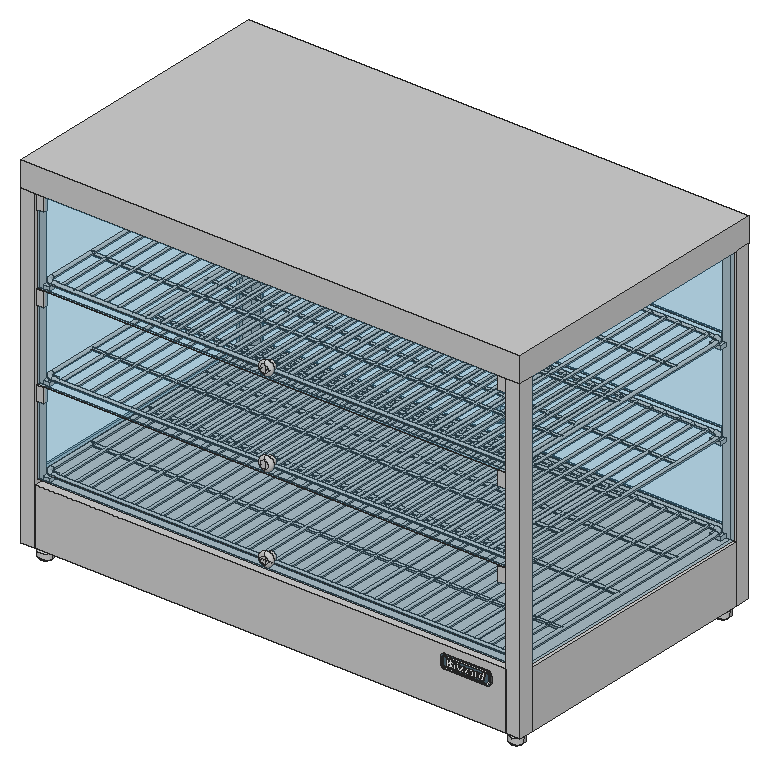
Revit family "QF_BLIZZARD_BPW1", category Specialty Equipment, Revit 2016
Family settings
  Part Type = Normal
  Round Connector Dimension = Use Diameter
  OmniClass Number = 23.40.40.14
  OmniClass Title = Food Service Equipment
  Work Plane-Based = No
  Always vertical = Yes
  Cut with Voids When Loaded = No
  Shared = No
  Room Calculation Point = No
Parameters (values of type "BPW1")
  URL = "www.blizzardequipment.com"
  Show Logo [instance] = yes
  Show Clearance [instance] = yes
  Model = "BPW1"
  Manufacturer = "BLIZZARD"
  Description = "COUNTER TOP HEATED MERCHANDISER 115L"
  Assembly Code = "E1090320"
Reference planes
  plane 1 "Back": y = 0
  plane 2: z = 0
  plane 3 "Left": x = 0
  plane 4 "Right": x = 700
  plane 5 "Front": y = -400
  plane 6 "Top": z = 500
Forms (mm)
  Extrusion 1, solid, visible <- "Show Logo"
    sketch origin (567.415, -398.5, -62.991) x (1, 0, 0) y (0, 0, 1)
      loop
        arc (22.13, 139.05) -> (23.822, 134.965) -> (27.907, 133.273) r 5.777
        line (27.907, 133.273) -> (86.809, 133.273)
        arc (86.809, 133.273) -> (90.894, 134.965) -> (92.585, 139.05) r 5.777
        line (92.585, 139.05) -> (92.585, 147.215)
        arc (92.585, 147.215) -> (90.894, 151.299) -> (86.809, 152.991) r 5.777
        line (86.809, 152.991) -> (27.907, 152.991)
        arc (27.907, 152.991) -> (23.822, 151.299) -> (22.13, 147.215) r 5.777
        line (22.13, 147.215) -> (22.13, 139.05)
    from 0 to 2
  Extrusion 2, solid, visible <- "Show Logo"
    sketch origin (567.415, -398.7, -57.983) x (1, 0, 0) y (0, 0, 1)
      loop
        line (30.3, 133.137) -> (36.162, 133.137)
        arc (36.162, 133.137) -> (39.122, 134.994) -> (38.048, 138.319) r 2.844
        arc (38.048, 138.319) -> (38.838, 141.267) -> (36.338, 143.017) r 2.66
        line (36.338, 143.017) -> (31.338, 143.017) -> (30.3, 133.137)
      loop
        line (33.066, 135.126) -> (35.993, 135.126)
        arc (35.993, 135.126) -> (36.943, 136.076) -> (35.993, 137.026) r 0.95
        line (35.993, 137.026) -> (33.066, 137.026) -> (33.066, 135.126)
      loop
        line (33.528, 139.285) -> (36.147, 139.285)
        arc (36.147, 139.285) -> (36.994, 140.133) -> (36.147, 140.98) r 0.847
        line (36.147, 140.98) -> (33.528, 140.98) -> (33.528, 139.285)
      loop
        line (40.306, 133.137) -> (42.874, 133.137) -> (43.912, 143.017) -> (41.344, 143.017) -> (40.306, 133.137)
      loop
        line (45.174, 140.98) -> (47.749, 140.98) -> (47.964, 143.017) -> (45.389, 143.017) -> (45.174, 140.98)
      loop
        line (45.104, 140.313) -> (44.35, 133.137) -> (46.671, 133.137) -> (47.425, 140.313) -> (45.104, 140.313)
      loop
        line (48.314, 138.359) -> (51.196, 138.359) -> (47.765, 134.548) -> (47.765, 133.137) -> (54.184, 133.137) -> (54.393, 135.126) -> (51.213, 135.126) -> (54.657, 138.952) -> (54.657, 140.313) -> (48.519, 140.313) -> (48.314, 138.359)
      loop
        line (55.213, 138.359) -> (58.095, 138.359) -> (54.664, 134.548) -> (54.664, 133.137) -> (61.084, 133.137) -> (61.293, 135.126) -> (58.112, 135.126) -> (61.557, 138.952) -> (61.557, 140.313) -> (55.419, 140.313) -> (55.213, 138.359)
      loop
        arc (64.816, 137.983) -> (65.785, 138.952) -> (66.753, 137.983) r 0.969
        line (66.753, 137.983) -> (64.711, 137.436)
        arc (64.711, 137.436) -> (62.642, 134.297) -> (66.342, 133.633) r 2.251
        line (66.342, 133.633) -> (66.77, 132.921) -> (69.168, 132.921) -> (68.641, 134.052) -> (69.084, 138.274)
        arc (69.084, 138.274) -> (65.782, 140.567) -> (62.514, 138.225) r 3.488
        line (62.514, 138.225) -> (64.816, 137.983)
      loop
        line (69.848, 133.137) -> (72.232, 133.137) -> (72.59, 136.546)
        arc (72.59, 136.546) -> (73.413, 137.974) -> (75.025, 138.32) r 2.029
        line (75.025, 138.32) -> (75.83, 140.313)
        arc (75.83, 140.313) -> (74.279, 140.541) -> (72.927, 139.749) r 2.362
        line (72.927, 139.749) -> (72.927, 140.627) -> (70.635, 140.627) -> (69.848, 133.137)
      loop
        line (82.596, 133.137) -> (83.635, 143.017) -> (81.373, 143.017) -> (81.031, 139.764)
        arc (81.031, 139.764) -> (75.402, 137.124) -> (80.359, 133.372) r 3.631
        line (80.359, 133.372) -> (82.596, 133.137)
      loop
        spline (78.956, 134.82) -> (79.32, 134.851) -> (79.675, 135.016) -> (79.994, 135.304) -> (80.258, 135.695) -> (80.446, 136.164) -> (80.548, 136.677) -> (80.555, 137.2) -> (80.468, 137.697) -> (80.292, 138.134) -> (80.039, 138.483) -> (79.727, 138.718) -> (79.376, 138.823)
        spline (79.376, 138.823) -> (79.011, 138.793) -> (78.657, 138.628) -> (78.338, 138.34) -> (78.074, 137.948) -> (77.886, 137.48) -> (77.784, 136.967) -> (77.777, 136.444) -> (77.864, 135.947) -> (78.04, 135.509) -> (78.293, 135.161) -> (78.605, 134.926) -> (78.956, 134.82)
      loop
        line (66.385, 136.28) -> (64.729, 135.958)
        arc (64.729, 135.958) -> (64.361, 135.233) -> (65.042, 134.788) r 0.609
        arc (65.042, 134.788) -> (66.068, 135.215) -> (66.385, 136.28) r 1.295
      loop
        line (85.459, 146.184) -> (29.578, 146.184)
        arc (29.578, 146.184) -> (25.494, 144.492) -> (23.802, 140.407) r 5.777
        line (23.802, 140.407) -> (23.802, 135.662)
        arc (23.802, 135.662) -> (25.494, 131.578) -> (29.578, 129.886) r 5.777
        line (29.578, 129.886) -> (85.459, 129.886)
        arc (85.459, 129.886) -> (89.544, 131.578) -> (91.236, 135.662) r 5.777
        line (91.236, 135.662) -> (91.236, 140.407)
        arc (91.236, 140.407) -> (89.544, 144.492) -> (85.459, 146.184) r 5.777
      loop
        line (85.459, 145.184) -> (29.578, 145.184)
        arc (29.578, 145.184) -> (26.201, 143.785) -> (24.802, 140.407) r 4.777
        line (24.802, 140.407) -> (24.802, 135.662)
        arc (24.802, 135.662) -> (26.201, 132.285) -> (29.578, 130.886) r 4.777
        line (29.578, 130.886) -> (85.459, 130.886)
        arc (85.459, 130.886) -> (88.837, 132.285) -> (90.236, 135.662) r 4.777
        line (90.236, 135.662) -> (90.236, 140.407)
        arc (90.236, 140.407) -> (88.837, 143.785) -> (85.459, 145.184) r 4.777
    from 0 to 2
  Revolve 3, solid
    sketch origin (171.051, 5, -25) x (0, -1, 0) y (0, 0, 1)
      loop
        line (5, 84.911) -> (5, 109.911) -> (3, 109.911) -> (3, 104.911) -> (-10, 104.911) -> (-10, 84.911) -> (5, 84.911)
      axis (5, 84.911) -> (-10, 84.911)
    angle from 0 to 360
  Extrusion 4, solid
    sketch origin (271.051, 15.5, -25) x (1, 0, 0) y (0, 0, 1)
      loop
        line (-82, 84.911) -> (-84, 84.911)
        arc (-84, 84.911) -> (-100, 68.911) -> (-116, 84.911) r 16
        line (-116, 84.911) -> (-118, 84.911)
        arc (-118, 84.911) -> (-100, 66.911) -> (-82, 84.911) r 18
    from 0 to 2
  Extrusion 5, solid
    sketch origin (271.051, 15.5, 11) x (1, 0, 0) y (0, 0, 1)
      loop
        line (-98.5, 51.911) -> (-98.5, 66.911) -> (-101.5, 66.911) -> (-101.5, 51.911) -> (-98.5, 51.911)
    from 0 to 2
  Extrusion 6, solid
    sketch origin (97, -10.001, -745) x (-1, 0, 0) y (0, 0, 1)
      loop
        arc (6, 815) -> (3.879, 814.121) -> (3, 812) r 3
        line (3, 812) -> (3, 798)
        arc (3, 798) -> (3.879, 795.879) -> (6, 795) r 3
        line (6, 795) -> (9, 795)
        arc (9, 795) -> (11.121, 795.879) -> (12, 798) r 3
        line (12, 798) -> (12, 812)
        arc (12, 812) -> (11.121, 814.121) -> (9, 815) r 3
        line (9, 815) -> (6, 815)
    from 9.001 to 20
  Extrusion 7, void
    sketch origin (99.5, -650.001, -745) x (0, -1, 0) y (0, 0, 1)
      loop
        line (-659.545, 817.359) -> (-661.721, 817.359) -> (-661.721, 793) -> (-653.921, 793) -> (-659.545, 817.359)
    from 1.654 to 31.654
  Extrusion 8, solid
    sketch origin (97, -2, -745) x (-1, 0, 0) y (0, 0, 1)
      loop
        arc (6, 818) -> (1.757, 816.243) -> (0, 812) r 6
        line (0, 812) -> (0, 798)
        arc (0, 798) -> (1.757, 793.757) -> (6, 792) r 6
        line (6, 792) -> (21, 792)
        arc (21, 792) -> (25.243, 793.757) -> (27, 798) r 6
        line (27, 798) -> (27, 812)
        arc (27, 812) -> (25.243, 816.243) -> (21, 818) r 6
        line (21, 818) -> (6, 818)
    from 0 to 4
  Extrusion 9, solid
    sketch origin (459.281, -174.967, -720.176) x (-1, 0, 0) y (0, 0.224951, 0.97437)
      loop
        line (368.781, 810.281) -> (368.781, 805.281) -> (370.781, 805.281) -> (370.781, 810.281) -> (368.781, 810.281)
    from 0 to 2
  Extrusion 10, solid
    sketch origin (459.281, -178.116, -733.817) x (-1, 0, 0) y (0, 0.224951, 0.97437)
      loop
        circle (369.781, 809.781) r 2.5
      loop
        circle (369.781, 809.781) r 3.5
    from 0 to 2
  Extrusion 11, solid
    sketch origin (0, 1.489, 0) x (1, 0, 0) y (0, 1, 0)
      loop
        line (0, -1.489) -> (0, -21.489) -> (20, -21.489) -> (20, -1.489) -> (0, -1.489)
    from 20 to 465
  Extrusion 12, solid
    sketch origin (0, -378.511, 0) x (1, 0, 0) y (0, 1, 0)
      loop
        line (0, -1.489) -> (0, -21.489) -> (20, -21.489) -> (20, -1.489) -> (0, -1.489)
    from 20 to 465
  Extrusion 13, solid
    sketch origin (680, 1.489, 0) x (1, 0, 0) y (0, 1, 0)
      loop
        line (0, -1.489) -> (0, -21.489) -> (20, -21.489) -> (20, -1.489) -> (0, -1.489)
    from 20 to 465
  Extrusion 14, solid
    sketch origin (680, -378.511, 0) x (1, 0, 0) y (0, 1, 0)
      loop
        line (0, -1.489) -> (0, -21.489) -> (20, -21.489) -> (20, -1.489) -> (0, -1.489)
    from 20 to 465
  Extrusion 15, solid
    sketch origin (0, 0, 20) x (1, 0, 0) y (0, 1, 0)
      loop
        line (0, -20) -> (0, -380) -> (20, -380) -> (20, -400) -> (680, -400) -> (680, -380) -> (700, -380) -> (700, -20) -> (680, -20) -> (680, 0) -> (20, 0) -> (20, -20) -> (0, -20)
    from 0 to 80
  Extrusion 16, solid
    sketch origin (0, 0, 470) x (1, 0, 0) y (0, 1, 0)
      loop
        line (700, 0) -> (0, 0) -> (0, -400) -> (700, -400) -> (700, 0)
    from -5 to 30
  Extrusion 17, solid
    sketch origin (3, 0, 0) x (0, 1, 0) y (0, 0, 1)
      loop
        line (-20, 465) -> (-380, 465) -> (-380, 100) -> (-20, 100) -> (-20, 465)
    from 0 to 5
  Extrusion 18, solid
    sketch origin (697, 0, 0) x (0, 1, 0) y (0, 0, -1)
      loop
        line (-20, -465) -> (-20, -100) -> (-380, -100) -> (-380, -465) -> (-20, -465)
    from 0 to 5
  Extrusion 19, solid
    sketch origin (85, -10.001, -745) x (-1, 0, 0) y (0, 0, 1)
      loop
        arc (6, 815) -> (3.879, 814.121) -> (3, 812) r 3
        line (3, 812) -> (3, 798)
        arc (3, 798) -> (3.879, 795.879) -> (6, 795) r 3
        line (6, 795) -> (9, 795)
        arc (9, 795) -> (11.121, 795.879) -> (12, 798) r 3
        line (12, 798) -> (12, 812)
        arc (12, 812) -> (11.121, 814.121) -> (9, 815) r 3
        line (9, 815) -> (6, 815)
    from 9.001 to 20
  Extrusion 20, solid
    sketch origin (447.281, -174.967, -720.176) x (-1, 0, 0) y (0, 0.224951, 0.97437)
      loop
        line (368.781, 810.281) -> (368.781, 805.281) -> (370.781, 805.281) -> (370.781, 810.281) -> (368.781, 810.281)
    from 0 to 2
  Extrusion 21, solid
    sketch origin (447.281, -178.116, -733.817) x (-1, 0, 0) y (0, 0.224951, 0.97437)
      loop
        circle (369.781, 809.781) r 2.5
      loop
        circle (369.781, 809.781) r 3.5
    from 0 to 2
  Extrusion 22, solid
    sketch origin (124.026, -2, -745) x (-1, 0, 0) y (0, 0, 1)
      loop
        circle (2.5, 805) r 4.5
    from 0 to 4
  Revolve 23, solid
    sketch origin (0, -20, 0) x (1, 0, 0) y (0, 0, 1)
      loop
        line (17.5, 20) -> (17.5, 11.827)
        arc (17.5, 11.827) -> (13.592, 10.832) -> (10, 9) r 18.167
        line (10, 9) -> (10, 2) -> (12, 0) -> (20, 0) -> (20, 20) -> (17.5, 20)
      axis (20, 0) -> (20, 20)
    angle from 0 to 360
  Revolve 24, solid
    sketch origin (0, -380, 0) x (1, 0, 0) y (0, 0, -1)
      loop
        line (17.5, -20) -> (20, -20) -> (20, 0) -> (12, 0) -> (10, -2) -> (10, -9)
        arc (10, -9) -> (13.592, -10.832) -> (17.5, -11.827) r 18.167
        line (17.5, -11.827) -> (17.5, -20)
      axis (20, 0) -> (20, -20)
    angle from 0 to 360
  Revolve 25, solid
    sketch origin (700, -20, 0) x (-1, 0, 0) y (0, 0, -1)
      loop
        line (17.5, -20) -> (20, -20) -> (20, 0) -> (12, 0) -> (10, -2) -> (10, -9)
        arc (10, -9) -> (13.592, -10.832) -> (17.5, -11.827) r 18.167
        line (17.5, -11.827) -> (17.5, -20)
      axis (20, 0) -> (20, -20)
    angle from 0 to 360
  Revolve 26, solid
    sketch origin (700, -380, 0) x (-1, 0, 0) y (0, 0, 1)
      loop
        line (17.5, 20) -> (17.5, 11.827)
        arc (17.5, 11.827) -> (13.592, 10.832) -> (10, 9) r 18.167
        line (10, 9) -> (10, 2) -> (12, 0) -> (20, 0) -> (20, 20) -> (17.5, 20)
      axis (20, 0) -> (20, 20)
    angle from 0 to 360
  Sweep 27, solid
    path origin (0, 0, 106.987) x (1, 0, 0) y (0, 1, 0)
      loop
        arc (30, -20) -> (22.929, -22.929) -> (20, -30) r 10
        line (20, -30) -> (20, -370)
        arc (20, -370) -> (22.929, -377.071) -> (30, -380) r 10
        line (30, -380) -> (670, -380)
        arc (670, -380) -> (677.071, -377.071) -> (680, -370) r 10
        line (680, -370) -> (680, -30)
        arc (680, -30) -> (677.071, -22.929) -> (670, -20) r 10
        line (670, -20) -> (30, -20)
    profile origin (350, -20, 106.987) x (0, 1, 0) y (0, 0, 1)
      loop
        circle (0, 0) r 2.5
  Extrusion 28, solid
    sketch origin (20, -80, -415.546) x (0, 1, 0) y (0, 0, 1)
      loop
        circle (-20.103, 522.546) r 2
    from 0 to 660
  Extrusion 29, solid
    sketch origin (20, -180, -415.546) x (0, 1, 0) y (0, 0, 1)
      loop
        circle (-20.103, 522.546) r 2
    from 0 to 660
  Extrusion 30, solid
    sketch origin (20, -280, -415.546) x (0, 1, 0) y (0, 0, 1)
      loop
        circle (-20.103, 522.546) r 2
    from 0 to 660
  Extrusion 31, solid
    sketch origin (20, -20, -413.013) x (1, 0, 0) y (0, 0, 1)
      loop
        circle (20, 520.013) r 2
    from 0 to 360
  Extrusion 32, solid
    sketch origin (40, -20, -413.013) x (1, 0, 0) y (0, 0, 1)
      loop
        circle (20, 520.013) r 2
    from 0 to 360
  Extrusion 33, solid
    sketch origin (60, -20, -413.013) x (1, 0, 0) y (0, 0, 1)
      loop
        circle (20, 520.013) r 2
    from 0 to 360
  Extrusion 34, solid
    sketch origin (80, -20, -413.013) x (1, 0, 0) y (0, 0, 1)
      loop
        circle (20, 520.013) r 2
    from 0 to 360
  Extrusion 35, solid
    sketch origin (100, -20, -413.013) x (1, 0, 0) y (0, 0, 1)
      loop
        circle (20, 520.013) r 2
    from 0 to 360
  Extrusion 36, solid
    sketch origin (120, -20, -413.013) x (1, 0, 0) y (0, 0, 1)
      loop
        circle (20, 520.013) r 2
    from 0 to 360
  Extrusion 37, solid
    sketch origin (140, -20, -413.013) x (1, 0, 0) y (0, 0, 1)
      loop
        circle (20, 520.013) r 2
    from 0 to 360
  Extrusion 38, solid
    sketch origin (160, -20, -413.013) x (1, 0, 0) y (0, 0, 1)
      loop
        circle (20, 520.013) r 2
    from 0 to 360
  Extrusion 39, solid
    sketch origin (180, -20, -413.013) x (1, 0, 0) y (0, 0, 1)
      loop
        circle (20, 520.013) r 2
    from 0 to 360
  Extrusion 40, solid
    sketch origin (200, -20, -413.013) x (1, 0, 0) y (0, 0, 1)
      loop
        circle (20, 520.013) r 2
    from 0 to 360
  Extrusion 41, solid
    sketch origin (220, -20, -413.013) x (1, 0, 0) y (0, 0, 1)
      loop
        circle (20, 520.013) r 2
    from 0 to 360
  Extrusion 42, solid
    sketch origin (240, -20, -413.013) x (1, 0, 0) y (0, 0, 1)
      loop
        circle (20, 520.013) r 2
    from 0 to 360
  Extrusion 43, solid
    sketch origin (260, -20, -413.013) x (1, 0, 0) y (0, 0, 1)
      loop
        circle (20, 520.013) r 2
    from 0 to 360
  Extrusion 44, solid
    sketch origin (280, -20, -413.013) x (1, 0, 0) y (0, 0, 1)
      loop
        circle (20, 520.013) r 2
    from 0 to 360
  Extrusion 45, solid
    sketch origin (300, -20, -413.013) x (1, 0, 0) y (0, 0, 1)
      loop
        circle (20, 520.013) r 2
    from 0 to 360
  Extrusion 46, solid
    sketch origin (320, -20, -413.013) x (1, 0, 0) y (0, 0, 1)
      loop
        circle (20, 520.013) r 2
    from 0 to 360
  Extrusion 47, solid
    sketch origin (340, -20, -413.013) x (1, 0, 0) y (0, 0, 1)
      loop
        circle (20, 520.013) r 2
    from 0 to 360
  Extrusion 48, solid
    sketch origin (360, -20, -413.013) x (1, 0, 0) y (0, 0, 1)
      loop
        circle (20, 520.013) r 2
    from 0 to 360
  Extrusion 49, solid
    sketch origin (380, -20, -413.013) x (1, 0, 0) y (0, 0, 1)
      loop
        circle (20, 520.013) r 2
    from 0 to 360
  Extrusion 50, solid
    sketch origin (400, -20, -413.013) x (1, 0, 0) y (0, 0, 1)
      loop
        circle (20, 520.013) r 2
    from 0 to 360
  Extrusion 51, solid
    sketch origin (420, -20, -413.013) x (1, 0, 0) y (0, 0, 1)
      loop
        circle (20, 520.013) r 2
    from 0 to 360
  Extrusion 52, solid
    sketch origin (440, -20, -413.013) x (1, 0, 0) y (0, 0, 1)
      loop
        circle (20, 520.013) r 2
    from 0 to 360
  Extrusion 53, solid
    sketch origin (460, -20, -413.013) x (1, 0, 0) y (0, 0, 1)
      loop
        circle (20, 520.013) r 2
    from 0 to 360
  Extrusion 54, solid
    sketch origin (480, -20, -413.013) x (1, 0, 0) y (0, 0, 1)
      loop
        circle (20, 520.013) r 2
    from 0 to 360
  Extrusion 55, solid
    sketch origin (500, -20, -413.013) x (1, 0, 0) y (0, 0, 1)
      loop
        circle (20, 520.013) r 2
    from 0 to 360
  Extrusion 56, solid
    sketch origin (520, -20, -413.013) x (1, 0, 0) y (0, 0, 1)
      loop
        circle (20, 520.013) r 2
    from 0 to 360
  Extrusion 57, solid
    sketch origin (540, -20, -413.013) x (1, 0, 0) y (0, 0, 1)
      loop
        circle (20, 520.013) r 2
    from 0 to 360
  Extrusion 58, solid
    sketch origin (560, -20, -413.013) x (1, 0, 0) y (0, 0, 1)
      loop
        circle (20, 520.013) r 2
    from 0 to 360
  Extrusion 59, solid
    sketch origin (580, -20, -413.013) x (1, 0, 0) y (0, 0, 1)
      loop
        circle (20, 520.013) r 2
    from 0 to 360
  Extrusion 60, solid
    sketch origin (600, -20, -413.013) x (1, 0, 0) y (0, 0, 1)
      loop
        circle (20, 520.013) r 2
    from 0 to 360
  Extrusion 61, solid
    sketch origin (620, -20, -413.013) x (1, 0, 0) y (0, 0, 1)
      loop
        circle (20, 520.013) r 2
    from 0 to 360
  Extrusion 62, solid
    sketch origin (640, -20, -413.013) x (1, 0, 0) y (0, 0, 1)
      loop
        circle (20, 520.013) r 2
    from 0 to 360
  Sweep 63, solid
    path origin (0, 0, 226.987) x (1, 0, 0) y (0, 1, 0)
      loop
        arc (30, -20) -> (22.929, -22.929) -> (20, -30) r 10
        line (20, -30) -> (20, -370)
        arc (20, -370) -> (22.929, -377.071) -> (30, -380) r 10
        line (30, -380) -> (670, -380)
        arc (670, -380) -> (677.071, -377.071) -> (680, -370) r 10
        line (680, -370) -> (680, -30)
        arc (680, -30) -> (677.071, -22.929) -> (670, -20) r 10
        line (670, -20) -> (30, -20)
    profile origin (350, -20, 226.987) x (0, 1, 0) y (0, 0, 1)
      loop
        circle (0, 0) r 2.5
  Extrusion 64, solid
    sketch origin (20, -80, -295.546) x (0, 1, 0) y (0, 0, 1)
      loop
        circle (-20.103, 522.546) r 2
    from 0 to 660
  Extrusion 65, solid
    sketch origin (20, -180, -295.546) x (0, 1, 0) y (0, 0, 1)
      loop
        circle (-20.103, 522.546) r 2
    from 0 to 660
  Extrusion 66, solid
    sketch origin (20, -280, -295.546) x (0, 1, 0) y (0, 0, 1)
      loop
        circle (-20.103, 522.546) r 2
    from 0 to 660
  Extrusion 67, solid
    sketch origin (20, -20, -293.013) x (1, 0, 0) y (0, 0, 1)
      loop
        circle (20, 520.013) r 2
    from 0 to 360
  Extrusion 68, solid
    sketch origin (40, -20, -293.013) x (1, 0, 0) y (0, 0, 1)
      loop
        circle (20, 520.013) r 2
    from 0 to 360
  Extrusion 69, solid
    sketch origin (60, -20, -293.013) x (1, 0, 0) y (0, 0, 1)
      loop
        circle (20, 520.013) r 2
    from 0 to 360
  Extrusion 70, solid
    sketch origin (80, -20, -293.013) x (1, 0, 0) y (0, 0, 1)
      loop
        circle (20, 520.013) r 2
    from 0 to 360
  Extrusion 71, solid
    sketch origin (100, -20, -293.013) x (1, 0, 0) y (0, 0, 1)
      loop
        circle (20, 520.013) r 2
    from 0 to 360
  Extrusion 72, solid
    sketch origin (120, -20, -293.013) x (1, 0, 0) y (0, 0, 1)
      loop
        circle (20, 520.013) r 2
    from 0 to 360
  Extrusion 73, solid
    sketch origin (140, -20, -293.013) x (1, 0, 0) y (0, 0, 1)
      loop
        circle (20, 520.013) r 2
    from 0 to 360
  Extrusion 74, solid
    sketch origin (160, -20, -293.013) x (1, 0, 0) y (0, 0, 1)
      loop
        circle (20, 520.013) r 2
    from 0 to 360
  Extrusion 75, solid
    sketch origin (180, -20, -293.013) x (1, 0, 0) y (0, 0, 1)
      loop
        circle (20, 520.013) r 2
    from 0 to 360
  Extrusion 76, solid
    sketch origin (200, -20, -293.013) x (1, 0, 0) y (0, 0, 1)
      loop
        circle (20, 520.013) r 2
    from 0 to 360
  Extrusion 77, solid
    sketch origin (220, -20, -293.013) x (1, 0, 0) y (0, 0, 1)
      loop
        circle (20, 520.013) r 2
    from 0 to 360
  Extrusion 78, solid
    sketch origin (240, -20, -293.013) x (1, 0, 0) y (0, 0, 1)
      loop
        circle (20, 520.013) r 2
    from 0 to 360
  Extrusion 79, solid
    sketch origin (260, -20, -293.013) x (1, 0, 0) y (0, 0, 1)
      loop
        circle (20, 520.013) r 2
    from 0 to 360
  Extrusion 80, solid
    sketch origin (280, -20, -293.013) x (1, 0, 0) y (0, 0, 1)
      loop
        circle (20, 520.013) r 2
    from 0 to 360
  Extrusion 81, solid
    sketch origin (300, -20, -293.013) x (1, 0, 0) y (0, 0, 1)
      loop
        circle (20, 520.013) r 2
    from 0 to 360
  Extrusion 82, solid
    sketch origin (320, -20, -293.013) x (1, 0, 0) y (0, 0, 1)
      loop
        circle (20, 520.013) r 2
    from 0 to 360
  Extrusion 83, solid
    sketch origin (340, -20, -293.013) x (1, 0, 0) y (0, 0, 1)
      loop
        circle (20, 520.013) r 2
    from 0 to 360
  Extrusion 84, solid
    sketch origin (360, -20, -293.013) x (1, 0, 0) y (0, 0, 1)
      loop
        circle (20, 520.013) r 2
    from 0 to 360
  Extrusion 85, solid
    sketch origin (380, -20, -293.013) x (1, 0, 0) y (0, 0, 1)
      loop
        circle (20, 520.013) r 2
    from 0 to 360
  Extrusion 86, solid
    sketch origin (400, -20, -293.013) x (1, 0, 0) y (0, 0, 1)
      loop
        circle (20, 520.013) r 2
    from 0 to 360
  Extrusion 87, solid
    sketch origin (420, -20, -293.013) x (1, 0, 0) y (0, 0, 1)
      loop
        circle (20, 520.013) r 2
    from 0 to 360
  Extrusion 88, solid
    sketch origin (440, -20, -293.013) x (1, 0, 0) y (0, 0, 1)
      loop
        circle (20, 520.013) r 2
    from 0 to 360
  Extrusion 89, solid
    sketch origin (460, -20, -293.013) x (1, 0, 0) y (0, 0, 1)
      loop
        circle (20, 520.013) r 2
    from 0 to 360
  Extrusion 90, solid
    sketch origin (480, -20, -293.013) x (1, 0, 0) y (0, 0, 1)
      loop
        circle (20, 520.013) r 2
    from 0 to 360
  Extrusion 91, solid
    sketch origin (500, -20, -293.013) x (1, 0, 0) y (0, 0, 1)
      loop
        circle (20, 520.013) r 2
    from 0 to 360
  Extrusion 92, solid
    sketch origin (520, -20, -293.013) x (1, 0, 0) y (0, 0, 1)
      loop
        circle (20, 520.013) r 2
    from 0 to 360
  Extrusion 93, solid
    sketch origin (540, -20, -293.013) x (1, 0, 0) y (0, 0, 1)
      loop
        circle (20, 520.013) r 2
    from 0 to 360
  Extrusion 94, solid
    sketch origin (560, -20, -293.013) x (1, 0, 0) y (0, 0, 1)
      loop
        circle (20, 520.013) r 2
    from 0 to 360
  Extrusion 95, solid
    sketch origin (580, -20, -293.013) x (1, 0, 0) y (0, 0, 1)
      loop
        circle (20, 520.013) r 2
    from 0 to 360
  Extrusion 96, solid
    sketch origin (600, -20, -293.013) x (1, 0, 0) y (0, 0, 1)
      loop
        circle (20, 520.013) r 2
    from 0 to 360
  Extrusion 97, solid
    sketch origin (620, -20, -293.013) x (1, 0, 0) y (0, 0, 1)
      loop
        circle (20, 520.013) r 2
    from 0 to 360
  Extrusion 98, solid
    sketch origin (640, -20, -293.013) x (1, 0, 0) y (0, 0, 1)
      loop
        circle (20, 520.013) r 2
    from 0 to 360
  Sweep 99, solid
    path origin (0, 0, 346.987) x (1, 0, 0) y (0, 1, 0)
      loop
        arc (30, -20) -> (22.929, -22.929) -> (20, -30) r 10
        line (20, -30) -> (20, -370)
        arc (20, -370) -> (22.929, -377.071) -> (30, -380) r 10
        line (30, -380) -> (670, -380)
        arc (670, -380) -> (677.071, -377.071) -> (680, -370) r 10
        line (680, -370) -> (680, -30)
        arc (680, -30) -> (677.071, -22.929) -> (670, -20) r 10
        line (670, -20) -> (30, -20)
    profile origin (350, -20, 346.987) x (0, 1, 0) y (0, 0, 1)
      loop
        circle (0, 0) r 2.5
  Extrusion 100, solid
    sketch origin (20, -80, -175.546) x (0, 1, 0) y (0, 0, 1)
      loop
        circle (-20.103, 522.546) r 2
    from 0 to 660
  Extrusion 101, solid
    sketch origin (20, -180, -175.546) x (0, 1, 0) y (0, 0, 1)
      loop
        circle (-20.103, 522.546) r 2
    from 0 to 660
  Extrusion 102, solid
    sketch origin (20, -280, -175.546) x (0, 1, 0) y (0, 0, 1)
      loop
        circle (-20.103, 522.546) r 2
    from 0 to 660
  Extrusion 103, solid
    sketch origin (20, -20, -173.013) x (1, 0, 0) y (0, 0, 1)
      loop
        circle (20, 520.013) r 2
    from 0 to 360
  Extrusion 104, solid
    sketch origin (40, -20, -173.013) x (1, 0, 0) y (0, 0, 1)
      loop
        circle (20, 520.013) r 2
    from 0 to 360
  Extrusion 105, solid
    sketch origin (60, -20, -173.013) x (1, 0, 0) y (0, 0, 1)
      loop
        circle (20, 520.013) r 2
    from 0 to 360
  Extrusion 106, solid
    sketch origin (80, -20, -173.013) x (1, 0, 0) y (0, 0, 1)
      loop
        circle (20, 520.013) r 2
    from 0 to 360
  Extrusion 107, solid
    sketch origin (100, -20, -173.013) x (1, 0, 0) y (0, 0, 1)
      loop
        circle (20, 520.013) r 2
    from 0 to 360
  Extrusion 108, solid
    sketch origin (120, -20, -173.013) x (1, 0, 0) y (0, 0, 1)
      loop
        circle (20, 520.013) r 2
    from 0 to 360
  Extrusion 109, solid
    sketch origin (140, -20, -173.013) x (1, 0, 0) y (0, 0, 1)
      loop
        circle (20, 520.013) r 2
    from 0 to 360
  Extrusion 110, solid
    sketch origin (160, -20, -173.013) x (1, 0, 0) y (0, 0, 1)
      loop
        circle (20, 520.013) r 2
    from 0 to 360
  Extrusion 111, solid
    sketch origin (180, -20, -173.013) x (1, 0, 0) y (0, 0, 1)
      loop
        circle (20, 520.013) r 2
    from 0 to 360
  Extrusion 112, solid
    sketch origin (200, -20, -173.013) x (1, 0, 0) y (0, 0, 1)
      loop
        circle (20, 520.013) r 2
    from 0 to 360
  Extrusion 113, solid
    sketch origin (220, -20, -173.013) x (1, 0, 0) y (0, 0, 1)
      loop
        circle (20, 520.013) r 2
    from 0 to 360
  Extrusion 114, solid
    sketch origin (240, -20, -173.013) x (1, 0, 0) y (0, 0, 1)
      loop
        circle (20, 520.013) r 2
    from 0 to 360
  Extrusion 115, solid
    sketch origin (260, -20, -173.013) x (1, 0, 0) y (0, 0, 1)
      loop
        circle (20, 520.013) r 2
    from 0 to 360
  Extrusion 116, solid
    sketch origin (280, -20, -173.013) x (1, 0, 0) y (0, 0, 1)
      loop
        circle (20, 520.013) r 2
    from 0 to 360
  Extrusion 117, solid
    sketch origin (300, -20, -173.013) x (1, 0, 0) y (0, 0, 1)
      loop
        circle (20, 520.013) r 2
    from 0 to 360
  Extrusion 118, solid
    sketch origin (320, -20, -173.013) x (1, 0, 0) y (0, 0, 1)
      loop
        circle (20, 520.013) r 2
    from 0 to 360
  Extrusion 119, solid
    sketch origin (340, -20, -173.013) x (1, 0, 0) y (0, 0, 1)
      loop
        circle (20, 520.013) r 2
    from 0 to 360
  Extrusion 120, solid
    sketch origin (360, -20, -173.013) x (1, 0, 0) y (0, 0, 1)
      loop
        circle (20, 520.013) r 2
    from 0 to 360
  Extrusion 121, solid
    sketch origin (380, -20, -173.013) x (1, 0, 0) y (0, 0, 1)
      loop
        circle (20, 520.013) r 2
    from 0 to 360
  Extrusion 122, solid
    sketch origin (400, -20, -173.013) x (1, 0, 0) y (0, 0, 1)
      loop
        circle (20, 520.013) r 2
    from 0 to 360
  Extrusion 123, solid
    sketch origin (420, -20, -173.013) x (1, 0, 0) y (0, 0, 1)
      loop
        circle (20, 520.013) r 2
    from 0 to 360
  Extrusion 124, solid
    sketch origin (440, -20, -173.013) x (1, 0, 0) y (0, 0, 1)
      loop
        circle (20, 520.013) r 2
    from 0 to 360
  Extrusion 125, solid
    sketch origin (460, -20, -173.013) x (1, 0, 0) y (0, 0, 1)
      loop
        circle (20, 520.013) r 2
    from 0 to 360
  Extrusion 126, solid
    sketch origin (480, -20, -173.013) x (1, 0, 0) y (0, 0, 1)
      loop
        circle (20, 520.013) r 2
    from 0 to 360
  Extrusion 127, solid
    sketch origin (500, -20, -173.013) x (1, 0, 0) y (0, 0, 1)
      loop
        circle (20, 520.013) r 2
    from 0 to 360
  Extrusion 128, solid
    sketch origin (520, -20, -173.013) x (1, 0, 0) y (0, 0, 1)
      loop
        circle (20, 520.013) r 2
    from 0 to 360
  Extrusion 129, solid
    sketch origin (540, -20, -173.013) x (1, 0, 0) y (0, 0, 1)
      loop
        circle (20, 520.013) r 2
    from 0 to 360
  Extrusion 130, solid
    sketch origin (560, -20, -173.013) x (1, 0, 0) y (0, 0, 1)
      loop
        circle (20, 520.013) r 2
    from 0 to 360
  Extrusion 131, solid
    sketch origin (580, -20, -173.013) x (1, 0, 0) y (0, 0, 1)
      loop
        circle (20, 520.013) r 2
    from 0 to 360
  Extrusion 132, solid
    sketch origin (600, -20, -173.013) x (1, 0, 0) y (0, 0, 1)
      loop
        circle (20, 520.013) r 2
    from 0 to 360
  Extrusion 133, solid
    sketch origin (620, -20, -173.013) x (1, 0, 0) y (0, 0, 1)
      loop
        circle (20, 520.013) r 2
    from 0 to 360
  Extrusion 134, solid
    sketch origin (640, -20, -173.013) x (1, 0, 0) y (0, 0, 1)
      loop
        circle (20, 520.013) r 2
    from 0 to 360
  Extrusion 135, solid
    sketch origin (0, 0, 100) x (1, 0, 0) y (0, 1, 0)
      loop
        line (20, -20) -> (15, -20) -> (15, -30) -> (30, -30) -> (30, -14) -> (20, -14) -> (20, -20)
    from 0 to 5
  Extrusion 136, solid
    sketch origin (0, 0, 220) x (1, 0, 0) y (0, 1, 0)
      loop
        line (20, -20) -> (15, -20) -> (15, -30) -> (30, -30) -> (30, -14) -> (20, -14) -> (20, -20)
    from 0 to 5
  Extrusion 137, solid
    sketch origin (0, 0, 340) x (1, 0, 0) y (0, 1, 0)
      loop
        line (20, -20) -> (15, -20) -> (15, -30) -> (30, -30) -> (30, -14) -> (20, -14) -> (20, -20)
    from 0 to 5
  Extrusion 138, solid
    sketch origin (700, 0, 100) x (-1, 0, 0) y (0, -1, 0)
      loop
        line (20, 20) -> (20, 14) -> (30, 14) -> (30, 30) -> (15, 30) -> (15, 20) -> (20, 20)
    from 0 to 5
  Extrusion 139, solid
    sketch origin (700, 0, 220) x (-1, 0, 0) y (0, -1, 0)
      loop
        line (20, 20) -> (20, 14) -> (30, 14) -> (30, 30) -> (15, 30) -> (15, 20) -> (20, 20)
    from 0 to 5
  Extrusion 140, solid
    sketch origin (700, 0, 340) x (-1, 0, 0) y (0, -1, 0)
      loop
        line (20, 20) -> (20, 14) -> (30, 14) -> (30, 30) -> (15, 30) -> (15, 20) -> (20, 20)
    from 0 to 5
  Extrusion 141, solid
    sketch origin (0, -400, 100) x (1, 0, 0) y (0, 1, 0)
      loop
        line (20, 20) -> (20, 14) -> (30, 14) -> (30, 30) -> (15, 30) -> (15, 20) -> (20, 20)
    from 0 to 5
  Extrusion 142, solid
    sketch origin (0, -400, 220) x (1, 0, 0) y (0, 1, 0)
      loop
        line (20, 20) -> (20, 14) -> (30, 14) -> (30, 30) -> (15, 30) -> (15, 20) -> (20, 20)
    from 0 to 5
  Extrusion 143, solid
    sketch origin (0, -400, 340) x (1, 0, 0) y (0, 1, 0)
      loop
        line (20, 20) -> (20, 14) -> (30, 14) -> (30, 30) -> (15, 30) -> (15, 20) -> (20, 20)
    from 0 to 5
  Extrusion 144, solid
    sketch origin (700, -400, 100) x (-1, 0, 0) y (0, -1, 0)
      loop
        line (20, -20) -> (15, -20) -> (15, -30) -> (30, -30) -> (30, -14) -> (20, -14) -> (20, -20)
    from 0 to 5
  Extrusion 145, solid
    sketch origin (700, -400, 220) x (-1, 0, 0) y (0, -1, 0)
      loop
        line (20, -20) -> (15, -20) -> (15, -30) -> (30, -30) -> (30, -14) -> (20, -14) -> (20, -20)
    from 0 to 5
  Extrusion 146, solid
    sketch origin (700, -400, 340) x (-1, 0, 0) y (0, -1, 0)
      loop
        line (20, -20) -> (15, -20) -> (15, -30) -> (30, -30) -> (30, -14) -> (20, -14) -> (20, -20)
    from 0 to 5
  Extrusion 147, solid
    sketch origin (0, -393, -5) x (1, 0, 0) y (0, 0, 1)
      loop
        line (32, 470) -> (22, 470) -> (22, 450) -> (32, 450) -> (32, 470)
    from 0 to 5
  Extrusion 148, solid
    sketch origin (700, -393, -5) x (-1, 0, 0) y (0, 0, -1)
      loop
        line (32, -470) -> (32, -450) -> (22, -450) -> (22, -470) -> (32, -470)
    from 0 to 5
  Extrusion 149, solid
    sketch origin (0, 0, -5) x (0, 1, 0) y (0, 0, 1)
      loop
        line (-394, 470) -> (-397, 470) -> (-397, 350) -> (-394, 350) -> (-394, 470)
    from 22 to 678
  Revolve 150, solid
    sketch origin (350, -368.193, 576.745) x (0, -0.970709, 0.240259) y (0, -0.240259, -0.970709)
      loop
        line (-22.91, 212.464) -> (-10.291, 215.587) -> (-11.733, 221.411)
        arc (-11.733, 221.411) -> (-16.002, 224.031) -> (-18.52, 219.7) r 3.501
        line (-18.52, 219.7) -> (-24.345, 218.259) -> (-22.91, 212.464)
      axis (-22.91, 212.464) -> (-10.291, 215.587)
    angle from 0 to 360
  Extrusion 151, solid
    sketch origin (0, -393, -125) x (1, 0, 0) y (0, 0, 1)
      loop
        line (32, 470) -> (22, 470) -> (22, 450) -> (32, 450) -> (32, 470)
    from 0 to 5
  Extrusion 152, solid
    sketch origin (700, -393, -125) x (-1, 0, 0) y (0, 0, -1)
      loop
        line (32, -470) -> (32, -450) -> (22, -450) -> (22, -470) -> (32, -470)
    from 0 to 5
  Extrusion 153, solid
    sketch origin (0, 0, -125) x (0, 1, 0) y (0, 0, 1)
      loop
        line (-394, 470) -> (-397, 470) -> (-397, 350) -> (-394, 350) -> (-394, 470)
    from 22 to 678
  Revolve 154, solid
    sketch origin (350, -368.193, 456.745) x (0, -0.970709, 0.240259) y (0, -0.240259, -0.970709)
      loop
        line (-22.91, 212.464) -> (-10.291, 215.587) -> (-11.733, 221.411)
        arc (-11.733, 221.411) -> (-16.002, 224.031) -> (-18.52, 219.7) r 3.501
        line (-18.52, 219.7) -> (-24.345, 218.259) -> (-22.91, 212.464)
      axis (-22.91, 212.464) -> (-10.291, 215.587)
    angle from 0 to 360
  Extrusion 155, solid
    sketch origin (0, -393, -245) x (1, 0, 0) y (0, 0, 1)
      loop
        line (32, 470) -> (22, 470) -> (22, 450) -> (32, 450) -> (32, 470)
    from 0 to 5
  Extrusion 156, solid
    sketch origin (700, -393, -245) x (-1, 0, 0) y (0, 0, -1)
      loop
        line (32, -470) -> (32, -450) -> (22, -450) -> (22, -470) -> (32, -470)
    from 0 to 5
  Extrusion 157, solid
    sketch origin (0, 0, -245) x (0, 1, 0) y (0, 0, 1)
      loop
        line (-394, 470) -> (-397, 470) -> (-397, 350) -> (-394, 350) -> (-394, 470)
    from 22 to 678
  Revolve 158, solid
    sketch origin (350, -368.193, 336.745) x (0, -0.970709, 0.240259) y (0, -0.240259, -0.970709)
      loop
        line (-22.91, 212.464) -> (-10.291, 215.587) -> (-11.733, 221.411)
        arc (-11.733, 221.411) -> (-16.002, 224.031) -> (-18.52, 219.7) r 3.501
        line (-18.52, 219.7) -> (-24.345, 218.259) -> (-22.91, 212.464)
      axis (-22.91, 212.464) -> (-10.291, 215.587)
    angle from 0 to 360
  Extrusion 159, solid
    sketch origin (0, -7, -5) x (1, 0, 0) y (0, 0, -1)
      loop
        line (32, -470) -> (32, -450) -> (22, -450) -> (22, -470) -> (32, -470)
    from 0 to 5
  Extrusion 160, solid
    sketch origin (700, -7, -5) x (-1, 0, 0) y (0, 0, 1)
      loop
        line (32, 470) -> (22, 470) -> (22, 450) -> (32, 450) -> (32, 470)
    from 0 to 5
  Extrusion 161, solid
    sketch origin (0, -400, -5) x (0, -1, 0) y (0, 0, -1)
      loop
        line (-394, -470) -> (-394, -350) -> (-397, -350) -> (-397, -470) -> (-394, -470)
    from 22 to 678
  Revolve 162, solid
    sketch origin (350, -31.807, 576.745) x (0, 0.970709, 0.240259) y (0, -0.240259, 0.970709)
      loop
        line (-22.91, -212.464) -> (-24.345, -218.259) -> (-18.52, -219.7)
        arc (-18.52, -219.7) -> (-16.002, -224.031) -> (-11.733, -221.411) r 3.501
        line (-11.733, -221.411) -> (-10.291, -215.587) -> (-22.91, -212.464)
      axis (-22.91, -212.464) -> (-10.291, -215.587)
    angle from 0 to 360
  Extrusion 163, solid
    sketch origin (0, -7, -125) x (1, 0, 0) y (0, 0, -1)
      loop
        line (32, -470) -> (32, -450) -> (22, -450) -> (22, -470) -> (32, -470)
    from 0 to 5
  Extrusion 164, solid
    sketch origin (700, -7, -125) x (-1, 0, 0) y (0, 0, 1)
      loop
        line (32, 470) -> (22, 470) -> (22, 450) -> (32, 450) -> (32, 470)
    from 0 to 5
  Extrusion 165, solid
    sketch origin (0, -400, -125) x (0, -1, 0) y (0, 0, -1)
      loop
        line (-394, -470) -> (-394, -350) -> (-397, -350) -> (-397, -470) -> (-394, -470)
    from 22 to 678
  Revolve 166, solid
    sketch origin (350, -31.807, 456.745) x (0, 0.970709, 0.240259) y (0, -0.240259, 0.970709)
      loop
        line (-22.91, -212.464) -> (-24.345, -218.259) -> (-18.52, -219.7)
        arc (-18.52, -219.7) -> (-16.002, -224.031) -> (-11.733, -221.411) r 3.501
        line (-11.733, -221.411) -> (-10.291, -215.587) -> (-22.91, -212.464)
      axis (-22.91, -212.464) -> (-10.291, -215.587)
    angle from 0 to 360
  Extrusion 167, solid
    sketch origin (0, -7, -245) x (1, 0, 0) y (0, 0, -1)
      loop
        line (32, -470) -> (32, -450) -> (22, -450) -> (22, -470) -> (32, -470)
    from 0 to 5
  Extrusion 168, solid
    sketch origin (700, -7, -245) x (-1, 0, 0) y (0, 0, 1)
      loop
        line (32, 470) -> (22, 470) -> (22, 450) -> (32, 450) -> (32, 470)
    from 0 to 5
  Extrusion 169, solid
    sketch origin (0, -400, -245) x (0, -1, 0) y (0, 0, -1)
      loop
        line (-394, -470) -> (-394, -350) -> (-397, -350) -> (-397, -470) -> (-394, -470)
    from 22 to 678
  Revolve 170, solid
    sketch origin (350, -31.807, 336.745) x (0, 0.970709, 0.240259) y (0, -0.240259, 0.970709)
      loop
        line (-22.91, -212.464) -> (-24.345, -218.259) -> (-18.52, -219.7)
        arc (-18.52, -219.7) -> (-16.002, -224.031) -> (-11.733, -221.411) r 3.501
        line (-11.733, -221.411) -> (-10.291, -215.587) -> (-22.91, -212.464)
      axis (-22.91, -212.464) -> (-10.291, -215.587)
    angle from 0 to 360
Cuts and joins
  Extrusion 7 cuts Extrusion 6
  Extrusion 7 cuts Extrusion 19
Lines and regions (mm)
  symbolic lines, style "200-EquipBorder-2D"
    curve 1: line (700, 0, 0) -> (0, 0, 0)
    curve 2: line (0, 0, 0) -> (0, -400, 0)
    curve 3: line (700, -400, 0) -> (700, 0, 0)
    curve 4: line (0, -400, 0) -> (700, -400, 0)
Dimensions and locks
  plane 3 "Left" to plane 4 "Right" = 700 mm
  plane 5 "Front" to plane 1 "Back" = 400 mm
  plane 6 "Top" to level = 500 mm  (x2)
  plane 1 "Back" to plane 5 "Front" = 400 mm
  plane 4 "Right" to plane 3 "Left" = 700 mm
  aligned and locked: level to plane 2
